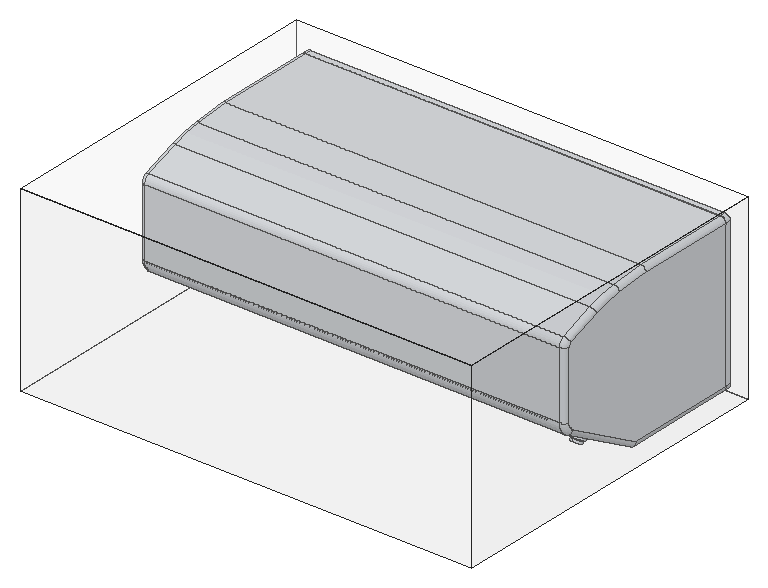
Revit family "msz-hxv25_8026_60hz", category 機械設備, Revit 2023
Family settings
  丸型コネクタ寸法 = 直径を使用
  種別 = なし
  パーツ タイプ = 標準
  OmniClass 番号 = 23.75.10.24.21.27.27
  OmniClass タイトル = Split System Air Conditioning Units
  作業面ベース = いいえ
  常に垂直 = はい
  ロード時にボイドで切り取り = いいえ
  注釈の向きを維持 = いいえ
  共有 = いいえ
  部屋計算ポイント = はい
Parameters (values of type "壁掛_MSZ-HXV2526-W-IN")
  運転音(静冷房)  db = 34
  運転音(静暖房)  db = 39
  運転音(強暖房)  db = 62
  運転音(強冷房)  db = 61
  運転音(弱暖房)  db = 45
  運転音(弱冷房)  db = 46
  運転音(中暖房)  db = 50
  運転音(中冷房)  db = 51
  風量 = MAX風量  # 780 m³/h
  音響パワーレベル(dB) = if([運転音(強冷房)  db] > [運転音(強暖房)  db], [運転音(強冷房)  db], [運転音(強暖房)  db])  # 62
  電源種別 = ""
  電圧_電気ヒーター = 0 V
  電圧 = 100 V
  電動機出力_送風機 = 28 W
  運転質量 = 0.00 kg
  連動 = ""
  質量 = if(製品質量 > 運転質量, 製品質量, 運転質量) * 1.2  # 21.60 kg
  負荷分類 = 1_熱源類
  説明 = "ルームエアコン(霧ヶ峰) HXVシリーズ 室内ユニット"
  設計暖房能力 [instance] = 0 kW
  設計冷房能力_顕熱 [instance] = 0 kW
  設計冷房能力 [instance] = 0 kW
  設置方法 = "壁掛形"
  記号 [instance] = ""
  製造元 = "三菱電機株式会社"
  製品質量 = 18.00 kg
  製品出荷対象 = "国内"
  製品リリース年月 = ""
  製品グループ = ""
  系統 [instance] = ""
  符号 = "PAC"
  積算_科目 = "1 空気調和設備"
  積算_拾い区分 [instance] = ""
  相_電気ヒーター = 1
  相 = 1
  盤記号 [instance] = ""
  発停方法 = "付属スイッチ"
  特殊仕様 [instance] = ""
  火災停止 = ""
  消費電力_電気ヒーター = 0 W
  消費電力_暖房 = 590 W
  消費電力_冷房 = 500 W
  消費電力 = if(消費電力_冷房 > 消費電力_暖房, 消費電力_冷房, 消費電力_暖房)  # 590 W
  法定耐用年数 = "6"
  極数 = 1
  材質 [instance] = ""
  本体マテリアル = none
  有効加湿量 = 0
  最大電流値 = 0 A
  暖房能力 = 3.2 kW
  暖房 風量 = 780 m³/h
  既定の高さ = 0 mm
  推奨ブレーカー容量 = 0 A
  台数_冷媒分岐ユニット [instance] = ""
  冷房 風量 = 665 m³/h
  冷媒管長 [instance] = 0 mm
  価格 = 0
  形式_加湿器 = ""
  形式 = "壁掛 (露出)形"
  幹線記号 = ""
  室内機 = 室内機 : MSZ-HXV25*-W-IN
  始動方式 = "直入"
  呼称 = "パッケージ形空気調和機_室内機"
  周波数 = 60 Hz
  台数_手元リモコン = ""
  参照している仕様書等のバージョン = "公共建築工事標準仕様書（機械設備工事編）平成31年度版"
  加湿給水管径 = 0 mm
  分類コード = "5.0053E+13"
  分類グループ = ""
  冷房能力 = 2.5 kW
  冷媒高低圧ガス管径 = 0 mm
  冷媒管径符号 = "Ab"
  冷媒管径 = 100 mm
  冷媒液管径 = 6.35 mm
  冷媒ガス管径 = 9.52 mm
  企業コード = "108420"
  付属品 [instance] = ""
  仕様書バージョン = "Version1.0"
  モデル = "MSZ-HXV2526-W-IN"
  ドレン管径 = 16 mm
  サービススペース = yes
  コメント [instance] = ""
  【値が 0 の項目は組合せ形名にてご確認ください】 = ""
  Width = 799 mm
  Version = ""
  Uniclass2015Version = "Systems v1.9"
  Uniclass2015Title = "Split coil remote air cooled condensing units"
  Uniclass2015Code = "Pr_70_65_03_84"
  URL = "https://www.mitsubishielectric.co.jp/ldg/wink/"
  S寸法 = 0 mm
  SpecificationReference = ""
  SpecificationDescription = ""
  Revision = ""
  ProductInformation = ""
  OmniClassCode = "23-33 17 13 11"
  MAX風量 = if(冷房 風量 > 暖房 風量, 冷房 風量, 暖房 風量)  # 780 m³/h
  IfcTypeProduct = ""
  IfcProduct = ""
  IfcExportType = "AIRCONDITIONINGUNIT"
  IfcExportAs = "IfcUnitaryEquipmentType"
  Height = 295 mm
  Depth = 389 mm
  Clearance Top = 39 mm
  Clearance Right = 30 mm
  Clearance Left = 20 mm
  Clearance Front = 256 mm
  Clearance Bottom = 7 mm
  Clearance Back = 0 mm
  COP = 0
  Author = "三菱電機株式会社"
  APF = 0
Types (7, lengths in mm): name | 運転音(静冷房)  db | 運転音(静暖房)  db | 運転音(強暖房)  db | 運転音(強冷房)  db | 運転音(弱暖房)  db | 運転音(弱冷房)  db | 運転音(中暖房)  db | 運転音(中冷房)  db | 風量 | 音響パワーレベル(dB) | 電圧 | 電動機出力_送風機 | 質量 | 製品質量 | 消費電力_暖房 | 消費電力_冷房 | 消費電力 | 暖房能力 | 暖房 風量 | 冷房 風量 | 室内機 | 冷房能力 | 冷媒管径符号 | 冷媒ガス管径 | モデル | MAX風量
  壁掛_MSZ-HXV2526-W-IN | 34 | 39 | 62 | 61 | 45 | 46 | 50 | 51 | 780 m³/h | 62 | 100 V | 28 W | 21.60 kg | 18.00 kg | 590 W | 500 W | 590 W | 3.2 kW | 780 m³/h | 665 m³/h | 室内機 : MSZ-HXV25*-W-IN | 2.5 kW | "Ab" | 9.52 | "MSZ-HXV2526-W-IN" | 780 m³/h
  壁掛_MSZ-HXV2826S-W-IN | 34 | 39 | 66 | 63 | 46 | 48 | 52 | 53 | 810 m³/h | 66 | 200 V | 40 W | 21.60 kg | 18.00 kg | 770 W | 580 W | 770 W | 4 kW | 810 m³/h | 665 m³/h | 室内機 : MSZ-HXV28*-W-IN | 2.8 kW | "Ab" | 9.52 | "MSZ-HXV2826S-W-IN" | 810 m³/h
  壁掛_MSZ-HXV4026S-W-IN | 40 | 44 | 69 | 67 | 50 | 50 | 55 | 55 | 930 m³/h | 69 | 200 V | 40 W | 22.80 kg | 19.00 kg | 1430 W | 960 W | 1430 W | 6 kW | 930 m³/h | 730 m³/h | 室内機 : MSZ-HXV40*S-W-IN | 4 kW | "Ab" | 9.52 | "MSZ-HXV4026S-W-IN" | 930 m³/h
  壁掛_MSZ-HXV5626S-W-IN | 44 | 46 | 71 | 68 | 51 | 51 | 56 | 56 | 940 m³/h | 71 | 200 V | 40 W | 22.80 kg | 19.00 kg | 1700 W | 1720 W | 1720 W | 6.7 kW | 940 m³/h | 805 m³/h | 室内機 : MSZ-HXV56*S-W-IN | 5.6 kW | "Ab" | 9.52 | "MSZ-HXV5626S-W-IN" | 940 m³/h
  壁掛_MSZ-HXV6326S-W-IN | 44 | 47 | 71 | 69 | 52 | 52 | 57 | 57 | 960 m³/h | 71 | 200 V | 40 W | 22.80 kg | 19.00 kg | 1900 W | 2200 W | 2200 W | 7.1 kW | 960 m³/h | 860 m³/h | 室内機 : MSZ-HXV63*S-W-IN | 6.3 kW | "Ac" | 12.7 | "MSZ-HXV6326S-W-IN" | 960 m³/h
  壁掛_MSZ-HXV7126S-W-IN | 44 | 47 | 72 | 70 | 52 | 52 | 57 | 57 | 1045 m³/h | 72 | 200 V | 40 W | 22.80 kg | 19.00 kg | 2350 W | 2500 W | 2500 W | 8.5 kW | 1045 m³/h | 960 m³/h | 室内機 : MSZ-HXV71*S-W-IN | 7.1 kW | "Ac" | 12.7 | "MSZ-HXV7126S-W-IN" | 1045 m³/h
  壁掛_MSZ-HXV8026S-W-IN | 44 | 47 | 72 | 72 | 52 | 52 | 57 | 57 | 1045 m³/h | 72 | 200 V | 46 W | 22.80 kg | 19.00 kg | 2680 W | 2920 W | 2920 W | 9.5 kW | 1045 m³/h | 960 m³/h | 室内機 : MSZ-HXV80*S-W-IN | 8 kW | "Ac" | 12.7 | "MSZ-HXV8026S-W-IN" | 1045 m³/h
Reference planes
  plane 1 "中心(正面/背面)": y = 0
  plane 2: z = 0
  plane 3 "中心(左/右)": x = 0
  plane 4: y = -650
  plane 5: x = -399.5
  plane 6: x = 399.5
  plane 7: x = 429.5
  plane 8: z = 0
  plane 9: z = 39
  plane 10: x = -419.5
  plane 11: z = -253
  plane 12: x = 332
  plane 13: z = -302
  plane 14: y = -199.5
  plane 15: y = -394
  plane 16: y = -5
  plane 17: z = -254
  plane 18: z = -295
  plane 19: y = 0
  plane 20: z = -284
  plane 21: z = -273
  plane 22: z = -385
Forms (mm)
  Extrusion 1, solid, detail levels fine
    sketch origin (-695, 194.999, 0) x (1, 0, 0) y (0, 0, 1)
      loop
        circle (1027, -253) r 10
    from 199.999 to 217.5
  Extrusion 2, solid, detail levels fine
    sketch origin (-695, 210.625, -30) x (1, 0, 0) y (0, 0, 1)
      loop
        circle (1027, -243) r 5
    from 215.625 to 220.625
Lines and regions (mm)
  Masking region 1, detail levels coarse+medium
    outline origin (0, 0, 0) x (1, 0, 0) y (0, 1, 0)
      loop
        line (399.5, 0) -> (-399.5, 0) -> (-399.5, -394) -> (399.5, -394) -> (399.5, 0)
Dimensions and locks
  equal spacing: plane 5, plane 3 "中心(左/右)", plane 6
  "Clearance Right": plane 6 to plane 7
  "Clearance Top": plane 9 to plane 8
  "Width": plane 5 to plane 6
  "Clearance Left": plane 10 to plane 5
  equal spacing: plane 15, plane 14, plane 16
  "Depth": plane 15 to plane 16
  "Clearance Front": plane 4 to plane 15
  nested 1 to plane 15 = 389 mm
  "Clearance Bottom": plane 18 to plane 13
  "Height": plane 8 to plane 18
  locked: plane 18 to plane 11 at 42
  locked: plane 18 to plane 17 at 41
  "Clearance Back": plane 1 "中心(正面/背面)" to plane 19
  locked: plane 20 to plane 17 at 30
  locked: plane 21 to plane 11 at 20
  plane 16 to plane 19 = 5 mm
  plane 4 to plane 19 = 650 mm
  plane 19 to plane 16 = 5 mm
  aligned and locked: plane 2 to level
  aligned and locked: plane 8 to nested 1  (x2)
  aligned and locked: nested 1 to plane 18  (x2)
  aligned and locked: level to plane 8
  aligned and locked: plane 9 to nested 2
  aligned and locked: plane 13 to nested 2
  aligned and locked: Masking region 1 sketch curve to plane 5
  aligned and locked: plane 15 to Masking region 1 sketch curve
  aligned and locked: Masking region 1 sketch curve to plane 19
  aligned and locked: plane 6 to Masking region 1 sketch curve
  aligned and locked: plane 16 to nested 1
  aligned and locked: plane 1 "中心(正面/背面)" to nested 2
  aligned and locked: plane 10 to nested 2
  aligned and locked: plane 7 to nested 2
  aligned and locked: plane 4 to nested 2
  aligned and locked: nested 1 to Extrusion 1
  aligned and locked: nested 1 to Extrusion 2
Automatic sketch dimensions
  Extrusion 1 sketch curve to plane 11 = 0 mm
  plane 12 to Extrusion 1 sketch curve = 0 mm
  plane 12 to Extrusion 2 sketch curve = 0 mm
  Extrusion 2 sketch curve to plane 21 = 0 mm
  radius of Extrusion 1 sketch curve = 10 mm
  radius of Extrusion 2 sketch curve = 5 mm
Nested families
  nested 1: "室内機" at (0, 0, -295), type <- "室内機", type "MSZ-HXV25*-W-IN", detail levels fine
  nested 2: "サービススペース" at (5, -325, -131.5), visible <- "サービススペース", type "サービススペース"
    with Width 849 mm, Height 341 mm, Depth 650 mm
Connectors
  piping at (332, -5, -253), diameter 100, driven by "冷媒管径", driven by "冷媒管径符号"
    settings: on Extrusion 1, index 7, connector inside diameter 609.6 mm, connector length 0 mm, flow factor 0, pipe flow 0.0 L/s, pressure drop 0.0 Pa, fitting loss kfactor 0, connector angle 0.00°, fixture units 0, engagement length 0 mm, angle of deflection 0.00°, flow configuration 1, flow direction 1, fitting loss method 4, system type 7, joint type 0, gender type 0, connector reference index -1, connector utility 0, adjustable connector no, is connector primary yes, connector description "Ab"
  piping at (332, -5, -273), diameter 16, driven by "ドレン管径"
    settings: on Extrusion 2, index 8, connector inside diameter 609.6 mm, connector length 0 mm, flow factor 0, pipe flow 0.0 L/s, pressure drop 0.0 Pa, fitting loss kfactor 0, connector angle 0.00°, fixture units 0, engagement length 0 mm, angle of deflection 0.00°, flow configuration 1, flow direction 2, fitting loss method 4, system type 16, joint type 0, gender type 0, connector reference index -1, connector utility 0, adjustable connector no, is connector primary no, connector description ""
  electrical at (0, -5, -147.5), driven by "負荷分類", driven by "電圧", driven by "消費電力"
    settings: on nested 1, index 10, voltage 100 V, apparent load 590 VA, apparent load phase1 0 VA, apparent load phase2 0 VA, apparent load phase3 0 VA, power factor 1, load classification "1_熱源類", number of poles 1, system type 30, power factor state 1, is connector primary yes, connector utility no, sub classification motor no, connector description ""
Definition of nested family "室内機"
  Parameters (values of type "MSZ-ZXV9023S-W-IN")
    Default Elevation = 0 mm
    Width = 799 mm
    Height = 295 mm
    Depth = 394 mm
  Types (12): name
    MSZ-ZXV9023S-W-IN
    MSZ-ZXV8023S-W-IN
    MSZ-ZXV7123S-W-IN
    MSZ-ZXV6323S-W-IN
    MSZ-ZXV5623S-W-IN
    MSZ-ZXV4023S-W-IN
    MSZ-ZXV3623S-W-IN
    MSZ-ZXV3623-W-IN
    MSZ-ZXV2823S-W-IN
    MSZ-ZXV2823-W-IN
    MSZ-ZXV2523-W-IN
    MSZ-ZXV2223-W-IN
  Reference planes
    plane 1 "中心(正面/背面)": y = 0
    plane 2: z = 0
    plane 3 "中心(左/右)": x = 0
    plane 4: y = -5
    plane 5: x = 399.5
    plane 6: x = -399.5
    plane 7: y = -394
    plane 8: z = 295
    plane 9: x = 379.5
    plane 10: y = -385
    plane 11: y = -394
    plane 12: z = 42
    plane 13: z = 295
    plane 14: z = 273
    plane 15: x = 352
    plane 16: x = -352
    plane 17: x = 399
    plane 18: x = 335
    plane 19: z = 253
    plane 20: x = 225
    plane 21: x = -225
    plane 22: x = 280
    plane 23: x = 155
    plane 24: z = 263
    plane 25: z = 243
  Forms (mm)
    Extrusion 1, solid
      sketch origin (0, 4, 0) x (0, 1, 0) y (0, 0, 1)
        loop
          line (-20, 284.987) -> (-212.516, 284.987) -> (-267.726, 279.494)
          arc (-267.726, 279.494) -> (-294.837, 275.073) -> (-321.185, 267.308) r 219.987
          line (-321.185, 267.308) -> (-384.718, 244.184)
          arc (-384.718, 244.184) -> (-387.098, 242.358) -> (-388, 239.497) r 4.987
          line (-388, 239.497) -> (-388, 112.321)
          arc (-388, 112.321) -> (-385.322, 102.327) -> (-378.006, 95.011) r 19.987
          line (-378.006, 95.011) -> (-230.785, 10.013) -> (-20, 10.013) -> (-20, 284.987)
      from -399.5 to 399.5
    Sweep 2, solid
      path origin (390, 4, 0) x (0, 1, 0) y (0, 0, 1)
        loop
          line (-20, 295) -> (-208.013, 295) -> (-270.599, 288.772)
          arc (-270.599, 288.772) -> (-298.943, 284.15) -> (-326.49, 276.032) r 230
          line (-326.49, 276.032) -> (-388.143, 253.592)
          arc (-388.143, 253.592) -> (-395.3, 248.101) -> (-398.013, 239.497) r 15
          line (-398.013, 239.497) -> (-398.013, 112.321)
          arc (-398.013, 112.321) -> (-393.993, 97.321) -> (-383.013, 86.34) r 30
          line (-383.013, 86.34) -> (-233.468, 0) -> (-20, 0)
      profile origin (390, -110.006, 295) x (0, 0, -1) y (1, 0, 0)
        loop
          arc (10.013, 9.5) -> (3.113, 6.75) -> (0.013, 0) r 10
          line (0.013, 0) -> (0.013, -780)
          arc (0.013, -780) -> (3.113, -786.75) -> (10.013, -789.5) r 10
          line (10.013, -789.5) -> (10.013, 9.5)
    Extrusion 3, solid
      sketch origin (0, 0, 0) x (1, 0, 0) y (0, 0, 1)
        loop
          line (-399.5, 285) -> (-399.5, 10)
          arc (-399.5, 10) -> (-396.746, 3.108) -> (-390, 0.013) r 10
          line (-390, 0.013) -> (390, 0.013)
          arc (390, 0.013) -> (396.746, 3.108) -> (399.5, 10) r 10
          line (399.5, 10) -> (399.5, 285)
          arc (399.5, 285) -> (396.746, 291.892) -> (390, 294.987) r 10
          line (390, 294.987) -> (-390, 294.987)
          arc (-390, 294.987) -> (-396.746, 291.892) -> (-399.5, 285) r 10
      from 16 to 5
    Revolve 4, solid
      sketch origin (367, -58.632, -153.367) x (0, 0.866025, -0.5) y (0, 0.5, 0.866025)
        loop
          line (-330.479, 56.396) -> (-330.479, 42.304) -> (-323.593, 42.304) -> (-323.593, 35.722) -> (-320.593, 35.722) -> (-320.593, 40.304)
          arc (-320.593, 40.304) -> (-320.007, 41.718) -> (-318.593, 42.304) r 2
          line (-318.593, 42.304) -> (-317.593, 42.304) -> (-317.593, 56.396) -> (-330.479, 56.396)
        axis (-330.479, 35.722) -> (-330.479, 56.396)
      angle from 0 to 360
    Extrusion 5, void
      sketch origin (0, -129.013, 230.692) x (1, 0, 0) y (0, -0.866025, 0.5)
        loop
          line (-383, 2) -> (-8.5, 2) -> (-8.5, 52) -> (-383, 52) -> (-383, 2)
        loop
          line (-385, 54) -> (-385, 0) -> (385, 0) -> (385, 54) -> (-385, 54)
        loop
          line (383, 2) -> (383, 52) -> (-6.5, 52) -> (-6.5, 2) -> (383, 2)
      from 250 to 244.836
    Extrusion 6, solid
      sketch origin (0, 0, 0) x (1, 0, 0) y (0, 0, 1)
        loop
          line (-285, 0) -> (285, 0) -> (285, 70)
          arc (285, 70) -> (292.322, 87.678) -> (310, 95) r 25
          arc (310, 95) -> (327.678, 102.322) -> (335, 120) r 25
          line (335, 120) -> (335, 273) -> (295, 273) -> (295, 278)
          arc (295, 278) -> (293.536, 281.536) -> (290, 283) r 5
          line (290, 283) -> (270, 283)
          arc (270, 283) -> (266.464, 281.536) -> (265, 278) r 5
          line (265, 278) -> (265, 273) -> (119.535, 273) -> (70.033, 253) -> (24.949, 253) -> (10, 290) -> (0, 290) -> (-10, 290) -> (-24.949, 253) -> (-105.033, 253) -> (-154.535, 273) -> (-265, 273) -> (-265, 278)
          arc (-265, 278) -> (-266.464, 281.536) -> (-270, 283) r 5
          line (-270, 283) -> (-290, 283)
          arc (-290, 283) -> (-293.536, 281.536) -> (-295, 278) r 5
          line (-295, 278) -> (-295, 273) -> (-335, 273) -> (-335, 120)
          arc (-335, 120) -> (-327.678, 102.322) -> (-310, 95) r 25
          arc (-310, 95) -> (-292.322, 87.678) -> (-285, 70) r 25
          line (-285, 70) -> (-285, 0)
        loop
          line (230.5, 248.5) -> (230.5, 257.5)
          arc (230.5, 257.5) -> (225, 263) -> (219.5, 257.5) r 5.5
          line (219.5, 257.5) -> (219.5, 248.5)
          arc (219.5, 248.5) -> (225, 243) -> (230.5, 248.5) r 5.5
        loop
          arc (-220.5, 247.5) -> (-215, 253) -> (-220.5, 258.5) r 5.5
          line (-220.5, 258.5) -> (-229.5, 258.5)
          arc (-229.5, 258.5) -> (-235, 253) -> (-229.5, 247.5) r 5.5
          line (-229.5, 247.5) -> (-220.5, 247.5)
        loop
          line (-105, 10) -> (105, 10)
          arc (105, 10) -> (155, 60) -> (105, 110) r 50
          line (105, 110) -> (-105, 110)
          arc (-105, 110) -> (-155, 60) -> (-105, 10) r 50
        loop
          line (305, 243) -> (255, 243) -> (255, 188) -> (261.875, 188)
          arc (261.875, 188) -> (265.887, 200.215) -> (267.245, 213) r 60.879
          line (267.245, 213) -> (292.755, 213)
          arc (292.755, 213) -> (294.113, 200.215) -> (298.125, 188) r 60.879
          line (298.125, 188) -> (305, 188) -> (305, 243)
        loop
          line (-305, 243) -> (-305, 188) -> (-298.125, 188)
          arc (-298.125, 188) -> (-294.113, 200.215) -> (-292.755, 213) r 60.879
          line (-292.755, 213) -> (-267.245, 213)
          arc (-267.245, 213) -> (-265.887, 200.215) -> (-261.875, 188) r 60.879
          line (-261.875, 188) -> (-255, 188) -> (-255, 243) -> (-305, 243)
      from 0 to 5
  Cuts and joins
    Extrusion 5 cuts Extrusion 1
    Extrusion 5 cuts Sweep 2
    joined: Sweep 2, Revolve 4
    Extrusion 5 cuts Extrusion 3
  Lines and regions (mm)
    model lines
      curve 1: line (-349.5, -121, 294.987) -> (-349.5, -181, 294.987)
      curve 2: line (-349.5, -189.013, 294.987) -> (349.5, -189.013, 294.987)
      curve 3: line (-349.5, -131, 294.987) -> (349.5, -131, 294.987)
      curve 4: line (349.5, -121, 294.987) -> (349.5, -181, 294.987)
      curve 5: line (-249.643, -121, 294.987) -> (-249.643, -181, 294.987)
      curve 6: line (-149.786, -121, 294.987) -> (-149.786, -181, 294.987)
      curve 7: line (-49.929, -121, 294.987) -> (-49.929, -181, 294.987)
      curve 8: line (49.929, -121, 294.987) -> (49.929, -181, 294.987)
      curve 9: line (149.786, -121, 294.987) -> (149.786, -181, 294.987)
      curve 10: line (249.643, -121, 294.987) -> (249.643, -181, 294.987)
      curve 11: line (-349.5, -151, 294.987) -> (349.5, -151, 294.987)
      curve 12: line (-349.5, -179.013, 294.987) -> (349.5, -179.013, 294.987)
      curve 13: line (-349.5, -161, 294.987) -> (349.5, -161, 294.987)
      curve 14: line (-349.5, -141, 294.987) -> (349.5, -141, 294.987)
      curve 15: line (-349.5, -121, 294.987) -> (349.5, -121, 294.987)
      curve 16: line (-349.5, -46, 294.987) -> (-349.5, -106, 294.987)
      curve 17: line (-349.5, -106, 294.987) -> (349.5, -106, 294.987)
      curve 18: line (-349.5, -56, 294.987) -> (349.5, -56, 294.987)
      curve 19: line (349.5, -46, 294.987) -> (349.5, -106, 294.987)
      curve 20: line (-249.643, -46, 294.987) -> (-249.643, -106, 294.987)
      curve 21: line (-149.786, -46, 294.987) -> (-149.786, -106, 294.987)
      curve 22: line (-49.929, -46, 294.987) -> (-49.929, -106, 294.987)
      curve 23: line (49.929, -46, 294.987) -> (49.929, -106, 294.987)
      curve 24: line (149.786, -46, 294.987) -> (149.786, -106, 294.987)
      curve 25: line (249.643, -46, 294.987) -> (249.643, -106, 294.987)
      curve 26: line (-349.5, -76, 294.987) -> (349.5, -76, 294.987)
      curve 27: line (-349.5, -96, 294.987) -> (349.5, -96, 294.987)
      curve 28: line (-349.5, -86, 294.987) -> (349.5, -86, 294.987)
      curve 29: line (-349.5, -66, 294.987) -> (349.5, -66, 294.987)
      curve 30: line (-349.5, -46, 294.987) -> (349.5, -46, 294.987)
  Dimensions and locks
    equal spacing: plane 6, plane 3 "中心(左/右)", plane 5
    "Width": plane 6 to plane 5
    "Depth": plane 7 to plane 1 "中心(正面/背面)"
    "Height": plane 8 to level
    plane 6 to curve 1 = 50 mm
    locked: plane 4 to plane 1 "中心(正面/背面)" at 5
    cut or joined group of Extrusion 3, Extrusion 5 to plane 7 = 389 mm
    cut or joined group of Extrusion 3, Extrusion 5 to plane 11 = 389 mm
    plane 7 to cut or joined group of Extrusion 3, Extrusion 5 = 389 mm
    plane 13 to plane 12 = 253 mm
    plane 13 to plane 14 = 22 mm
    plane 18 to plane 17 = 64 mm
    plane 17 to plane 15 = 47 mm
    plane 19 to plane 12 = 211 mm
    plane 14 to plane 12 = 231 mm
    plane 19 to Extrusion 6 sketch curve = 65 mm
    plane 24 to plane 25 = 20 mm
    aligned and locked: level to plane 2
    aligned and locked: Extrusion 3 to Extrusion 1
    aligned and locked: cut or joined group of Extrusion 3, Extrusion 5 to plane 4
    aligned and locked: plane 4 to cut or joined group of Extrusion 3, Extrusion 5
    aligned and locked: plane 7 to cut or joined group of Sweep 2, Revolve 4, Extrusion 5
    aligned and locked: Extrusion 6 to plane 1 "中心(正面/背面)"
    aligned and locked: plane 4 to Extrusion 6
  Automatic sketch dimensions
    Extrusion 3 sketch curve to plane 6 = 0 mm
    Extrusion 3 sketch curve to plane 5 = 0 mm
    Extrusion 3 sketch curve to plane 8 = 0.013 mm
    plane 6 to Extrusion 3 sketch curve = 9.5 mm  (x2)
    level to Extrusion 3 sketch curve = 0.013 mm
    level to Extrusion 3 sketch curve = 10 mm
    Extrusion 3 sketch curve to Extrusion 3 sketch curve = 0.5 mm
    Extrusion 3 sketch curve to plane 5 = 10 mm  (x2)
    Extrusion 3 sketch curve to plane 5 = 9.5 mm  (x2)
    level to Revolve 4 sketch curve = 60.713 mm
    Revolve 4 sketch curve to plane 7 = 77.363 mm
    Revolve 4 sketch curve to Revolve 4 sketch curve = 6.886 mm
    Revolve 4 sketch curve to Revolve 4 sketch curve = 3 mm
    Revolve 4 sketch curve to Revolve 4 sketch curve = 2 mm
    Revolve 4 sketch curve to Revolve 4 sketch curve = 12.886 mm
    Revolve 4 sketch curve to Revolve 4 sketch curve = 14.091 mm
    Revolve 4 sketch curve to Revolve 4 sketch curve = 0 mm  (x2)
    Revolve 4 sketch curve to Revolve 4 sketch curve = 4.583 mm
    Revolve 4 sketch curve to Revolve 4 sketch curve = 6.134 mm
    Revolve 4 sketch curve to Revolve 4 sketch curve = 3.815 mm
    plane 6 to Extrusion 5 sketch curve = 14.5 mm
    Extrusion 5 sketch curve to Extrusion 5 sketch curve = 2 mm  (x5)
    Extrusion 5 sketch curve to plane 3 "中心(左/右)" = 8.5 mm
    plane 9 to Extrusion 5 sketch curve = 3.5 mm
    Extrusion 5 sketch curve to Extrusion 5 sketch curve = 0 mm
    Extrusion 5 sketch curve to Extrusion 5 sketch curve = 50 mm  (x2)
    curve 1 to curve 1 = 60 mm  (x2)
    Extrusion 1 sketch curve to plane 7 = 10 mm
    Extrusion 1 sketch curve to Extrusion 1 sketch curve = 3.282 mm
    Extrusion 1 sketch curve to Extrusion 1 sketch curve = 1.706 mm
    Extrusion 1 sketch curve to Extrusion 1 sketch curve = 9.994 mm  (x2)
    Extrusion 1 sketch curve to plane 8 = 27.692 mm
    Extrusion 1 sketch curve to Extrusion 1 sketch curve = 63.534 mm
    Extrusion 1 sketch curve to plane 8 = 15.506 mm
    Extrusion 1 sketch curve to Extrusion 1 sketch curve = 53.458 mm
    level to Extrusion 1 sketch curve = 60.587 mm
    level to Extrusion 1 sketch curve = 10.013 mm
    Extrusion 1 sketch curve to Extrusion 1 sketch curve = 15.16 mm
    Extrusion 1 sketch curve to plane 8 = 10.013 mm
    Extrusion 1 sketch curve to Extrusion 1 sketch curve = 55.211 mm
    plane 4 to Extrusion 1 sketch curve = 11 mm
    level to Extrusion 1 sketch curve = 95.011 mm
    Extrusion 1 sketch curve to plane 8 = 55.503 mm
    plane 7 to Sweep 2 sketch curve = 0.013 mm
    Sweep 2 sketch curve to level = 0 mm
    Sweep 2 sketch curve to plane 8 = 0 mm
    Sweep 2 sketch curve to plane 7 = 9.857 mm
    Sweep 2 sketch curve to plane 7 = 14.987 mm  (x2)
    Sweep 2 sketch curve to plane 7 = 29.987 mm
    Sweep 2 sketch curve to plane 8 = 18.968 mm
    Sweep 2 sketch curve to Sweep 2 sketch curve = 61.652 mm
    Sweep 2 sketch curve to plane 8 = 6.228 mm
    Sweep 2 sketch curve to Sweep 2 sketch curve = 55.891 mm
    level to Sweep 2 sketch curve = 59.903 mm
    Sweep 2 sketch curve to Sweep 2 sketch curve = 14.358 mm
    Sweep 2 sketch curve to Sweep 2 sketch curve = 62.587 mm
    level to Sweep 2 sketch curve = 86.34 mm
    Sweep 2 sketch curve to plane 8 = 55.503 mm
    plane 4 to Sweep 2 sketch curve = 11 mm  (x2)
    Sweep 2 sketch curve to profile plane = 0 mm
    Sweep 2 sketch curve to profile plane = 0.013 mm
    Sweep 2 sketch curve to profile plane = 10 mm  (x2)
    Sweep 2 sketch curve to profile plane = 0.5 mm
    profile plane to Sweep 2 sketch curve = 9.5 mm
    Sweep 2 sketch curve to Sweep 2 sketch curve = 779 mm
    Sweep 2 sketch curve to Sweep 2 sketch curve = 0.5 mm
    Sweep 2 to curve 30 = 30 mm
    curve 2 to Sweep 2 = 14.999 mm
    Sweep 2 to curve 2 = 40.5 mm
    curve 30 to curve 18 = 10 mm
    curve 18 to curve 29 = 10 mm
    curve 29 to curve 26 = 10 mm
    curve 26 to curve 28 = 10 mm
    curve 28 to curve 27 = 10 mm
    curve 27 to curve 15 = 25 mm
    curve 17 to curve 15 = 15 mm
    curve 17 to curve 3 = 25 mm
    curve 3 to curve 14 = 10 mm
    curve 14 to curve 11 = 10 mm
    curve 11 to curve 13 = 10 mm
    curve 12 to curve 2 = 10 mm
    Sweep 2 to curve 30 = 40.5 mm
    Sweep 2 to curve 3 = 40.5 mm
    curve 29 to curve 30 = 0 mm
    curve 11 to curve 3 = 0 mm
    curve 28 to curve 29 = 0 mm
    curve 12 to curve 2 = 0 mm
    curve 27 to curve 28 = 0 mm
    curve 13 to curve 11 = 0 mm
    curve 26 to curve 28 = 0 mm
    curve 14 to curve 3 = 0 mm
    curve 18 to curve 29 = 0 mm
    curve 15 to curve 27 = 0 mm
    curve 17 to curve 15 = 0 mm  (x2)
    Sweep 2 to curve 15 = 40.5 mm
    curve 14 to curve 17 = 0 mm
    Sweep 2 to curve 18 = 40.5 mm
    curve 13 to curve 14 = 0 mm
    curve 26 to curve 18 = 0 mm
    curve 12 to curve 13 = 0 mm
    curve 27 to curve 15 = 0 mm
    curve 11 to curve 13 = 0 mm
    curve 28 to curve 26 = 0 mm
    curve 3 to curve 17 = 0 mm
    curve 29 to curve 18 = 0 mm
    curve 2 to curve 12 = 0 mm
    curve 30 to curve 18 = 0 mm
    curve 19 to plane 9 = 30 mm
    plane 4 to curve 16 = 41 mm
    curve 4 to curve 19 = 0 mm
    curve 19 to curve 25 = 99.857 mm
    curve 10 to curve 25 = 0 mm
    plane 4 to curve 24 = 41 mm
    curve 25 to curve 24 = 99.857 mm
    curve 9 to curve 24 = 0 mm
    plane 3 "中心(左/右)" to curve 8 = 49.929 mm
    plane 3 "中心(左/右)" to curve 23 = 49.929 mm
    curve 7 to plane 3 "中心(左/右)" = 49.929 mm
    curve 22 to plane 3 "中心(左/右)" = 49.929 mm
    curve 7 to curve 6 = 99.857 mm
    curve 21 to curve 6 = 0 mm
    plane 4 to curve 20 = 41 mm
    curve 21 to curve 20 = 99.857 mm
    curve 5 to curve 20 = 0 mm
    plane 6 to curve 16 = 50 mm
    plane 6 to curve 1 = 50 mm
    plane 4 to curve 25 = 41 mm
    plane 4 to curve 21 = 41 mm
    plane 4 to curve 23 = 41 mm
    plane 4 to curve 22 = 41 mm
    plane 4 to curve 19 = 41 mm
    curve 23 to curve 23 = 60 mm
    curve 20 to curve 20 = 60 mm
    curve 24 to curve 24 = 60 mm
    curve 19 to curve 19 = 60 mm
    curve 21 to curve 21 = 60 mm
    curve 22 to curve 22 = 60 mm
    curve 16 to curve 16 = 60 mm
    curve 25 to curve 25 = 60 mm
    curve 16 to curve 1 = 15 mm
    curve 25 to curve 10 = 15 mm
    curve 20 to curve 5 = 15 mm
    curve 24 to curve 9 = 15 mm
    curve 21 to curve 6 = 15 mm
    curve 23 to curve 8 = 15 mm
    curve 22 to curve 7 = 15 mm
    curve 19 to curve 4 = 15 mm
    curve 8 to curve 8 = 60 mm
    curve 5 to curve 5 = 60 mm
    curve 9 to curve 9 = 60 mm
    curve 4 to curve 4 = 60 mm
    curve 6 to curve 6 = 60 mm
    curve 7 to curve 7 = 60 mm
    curve 10 to curve 10 = 60 mm
    Extrusion 6 sketch curve to plane 14 = 0 mm  (x4)
    Extrusion 6 sketch curve to plane 25 = 0 mm  (x2)
    Extrusion 6 sketch curve to level = 0 mm
    Extrusion 6 sketch curve to plane 19 = 0 mm  (x3)
    Extrusion 6 sketch curve to plane 3 "中心(左/右)" = 0 mm
    Extrusion 6 sketch curve to plane 20 = 0 mm
    plane 18 to Extrusion 6 sketch curve = 0 mm
    Extrusion 6 sketch curve to plane 16 = 1.635 mm
    plane 16 to Extrusion 6 sketch curve = 17 mm
    Extrusion 6 sketch curve to Extrusion 6 sketch curve = 25 mm  (x3)
    Extrusion 6 sketch curve to Extrusion 6 sketch curve = 30 mm
    Extrusion 6 sketch curve to Extrusion 6 sketch curve = 6.875 mm  (x3)
    plane 14 to Extrusion 6 sketch curve = 5 mm  (x3)
    Extrusion 6 sketch curve to Extrusion 6 sketch curve = 10 mm
    Extrusion 6 sketch curve to Extrusion 6 sketch curve = 5.37 mm  (x3)
    Extrusion 6 sketch curve to Extrusion 6 sketch curve = 5 mm  (x3)
    plane 21 to Extrusion 6 sketch curve = 60 mm
    Extrusion 6 sketch curve to Extrusion 6 sketch curve = 20 mm
    Extrusion 6 sketch curve to Extrusion 6 sketch curve = 25.51 mm
    plane 21 to Extrusion 6 sketch curve = 30 mm
    plane 21 to Extrusion 6 sketch curve = 4.5 mm
    Extrusion 6 sketch curve to plane 21 = 4.5 mm
    Extrusion 6 sketch curve to plane 21 = 18.635 mm
    Extrusion 6 sketch curve to Extrusion 6 sketch curve = 65.965 mm
    Extrusion 6 sketch curve to Extrusion 6 sketch curve = 49.502 mm
    plane 12 to Extrusion 6 sketch curve = 18 mm
    Extrusion 6 sketch curve to plane 3 "中心(左/右)" = 105 mm
    Extrusion 6 sketch curve to plane 3 "中心(左/右)" = 24.949 mm
    Extrusion 6 sketch curve to plane 3 "中心(左/右)" = 10 mm
    plane 3 "中心(左/右)" to Extrusion 6 sketch curve = 10 mm
    plane 3 "中心(左/右)" to Extrusion 6 sketch curve = 24.949 mm
    Extrusion 6 sketch curve to Extrusion 6 sketch curve = 45.084 mm
    Extrusion 6 sketch curve to plane 23 = 50 mm
    Extrusion 6 sketch curve to plane 23 = 35.465 mm
    Extrusion 6 sketch curve to plane 20 = 18.635 mm
    plane 22 to Extrusion 6 sketch curve = 25 mm
    plane 22 to Extrusion 6 sketch curve = 15 mm
    plane 22 to Extrusion 6 sketch curve = 12.755 mm
    Extrusion 6 sketch curve to plane 22 = 5 mm
    Extrusion 6 sketch curve to plane 22 = 10 mm
    Extrusion 6 sketch curve to plane 22 = 12.755 mm
    plane 18 to Extrusion 6 sketch curve = 25 mm
    plane 15 to Extrusion 6 sketch curve = 1.635 mm
    level to Extrusion 6 sketch curve = 10 mm
    plane 12 to Extrusion 6 sketch curve = 28 mm  (x2)
    Extrusion 6 sketch curve to plane 25 = 55 mm
    plane 25 to Extrusion 6 sketch curve = 4.5 mm
    Extrusion 6 sketch curve to plane 19 = 4.5 mm
    plane 19 to Extrusion 6 sketch curve = 4.5 mm
    Extrusion 6 sketch curve to plane 8 = 5 mm
    Extrusion 6 sketch curve to plane 20 = 5.5 mm
Definition of nested family "サービススペース"
  Parameters (values of type "サービススペース")
    Default Elevation = 0 mm
    Width [instance] = 500 mm
    Height [instance] = 500 mm
    Depth [instance] = 500 mm
  Reference planes
    plane 1 "中心(正面/背面)": y = 0
    plane 2: z = 0
    plane 3 "中心(左/右)": x = 0
    plane 4: y = -250
    plane 5: x = 250
    plane 6: y = 250
    plane 7: x = -250
    plane 8: z = 250
    plane 9: z = -250
  Forms (mm)
    Extrusion 1, solid
      sketch origin (-638.939, 0, 72.39) x (1, 0, 0) y (0, 1, 0)
        loop
          line (388.939, 250) -> (388.939, -250) -> (888.939, -250) -> (888.939, 250) -> (388.939, 250)
      from -322.39 to 177.61
  Lines and regions (mm)
    symbolic lines
      curve 1: line (-250, 0, 250) -> (250, 0, 250)
      curve 2: line (-250, 0, -250) -> (-250, 0, 250)
      curve 3: line (250, 0, -250) -> (-250, 0, -250)
      curve 4: line (250, 0, 250) -> (250, 0, -250)
      curve 5: line (0, -250, 250) -> (0, 250, 250)
      curve 6: line (0, -250, -250) -> (0, -250, 250)
      curve 7: line (0, 250, -250) -> (0, -250, -250)
      curve 8: line (0, 250, 250) -> (0, 250, -250)
      curve 9: line (-250, 250, 0) -> (250, 250, 0)
      curve 10: line (-250, -250, 0) -> (-250, 250, 0)
      curve 11: line (250, -250, 0) -> (-250, -250, 0)
      curve 12: line (250, 250, 0) -> (250, -250, 0)
  Dimensions and locks
    equal spacing: plane 7, plane 3 "中心(左/右)", plane 5
    equal spacing: plane 4, plane 1 "中心(正面/背面)", plane 6
    "Depth": plane 4 to plane 6
    "Width": plane 7 to plane 5
    equal spacing: plane 8, plane 2, plane 9
    "Height": plane 8 to plane 9
    aligned and locked: plane 9 to curve 3
    aligned and locked: plane 7 to curve 2
    aligned and locked: curve 4 to plane 5
    aligned and locked: plane 5 to Extrusion 1
    aligned and locked: Extrusion 1 to plane 7
    aligned and locked: Extrusion 1 to plane 9
    aligned and locked: plane 8 to Extrusion 1
    aligned and locked: plane 9 to curve 7
  Automatic sketch dimensions
    plane 4 to Extrusion 1 sketch curve = 0 mm
    Extrusion 1 sketch curve to plane 7 = 0 mm
    Extrusion 1 sketch curve to plane 5 = 0 mm
    plane 6 to Extrusion 1 sketch curve = 0 mm
    curve 2 to plane 8 = 0 mm
    plane 4 to curve 11 = 0 mm
    curve 11 to plane 7 = 0 mm
    curve 11 to plane 5 = 0 mm
    plane 6 to curve 10 = 0 mm
    curve 7 to plane 4 = 0 mm
    curve 7 to plane 6 = 0 mm
    curve 6 to plane 8 = 0 mm
